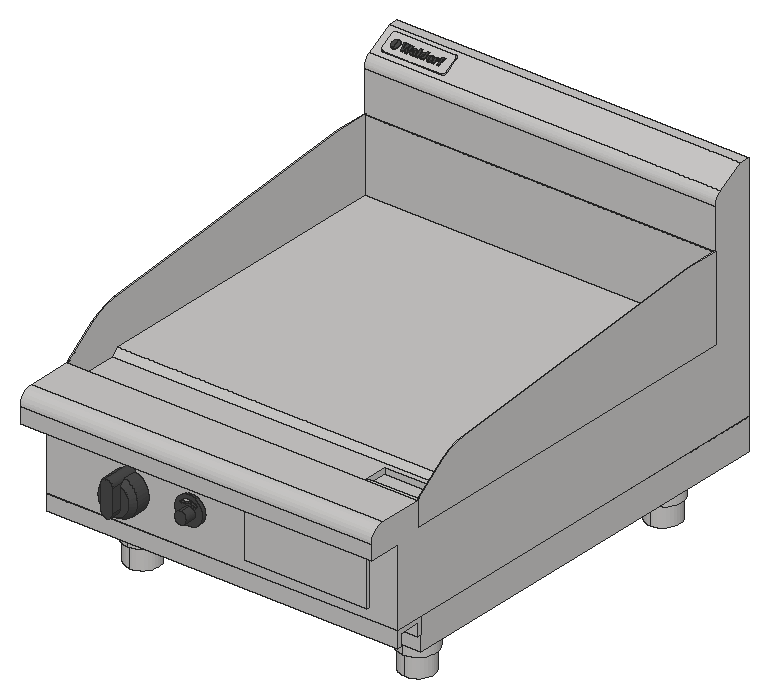
Revit family "QF_MOFFAT WALDORF_GP8600G-B", category Specialty Equipment, Revit 2012
Parameters
  Width [instance] = 600.0 mm  # constant formula
  Weight in Pounds = 238.099
  URL Cutsheet = "www.moffat.com"
  URL = "www.moffat.com"
  Type Mark [instance] = ""
  Status [instance] = ""
  Specification by User [instance] = ""
  Specification by Manufacturer = ""
  Show Logo [instance] = yes
  Serial Number = ""
  Seismic Rating = ""
  SMACNA No = ""
  Revision Code [instance] = ""
  Omniclass Number and Title = ""
  NAFEM Spec ID Number = ""
  Model = "GP8600G-B"
  Mechanical Remarks [instance] = ""
  Mechanical Connection Type [instance] = ""
  Masterspec = ""
  Manufacturer = "MOFFAT WALDORF"
  Item Number [instance] = ""
  Installed By [instance] = ""
  Identify Quantity as Lot [instance] = yes
  Height [instance] = 530.0 mm  # constant formula
  Gas Size = 3/4"
  Gas RI Height [instance] = 0.0 mm
  Gas KW [instance] = 14.7
  Gas Input [instance] = 50234.0 Btu/h
  Gas Connection Height = 0.0 mm
  Furnished By [instance] = ""
  Foodservice Equipment Identifier [instance] = yes
  Description = "GRIDDLE PLATE GAS BENCH MOUNT"
  Depth [instance] = 805.0 mm  # constant formula
  CSI MasterFormat = ""
  CSI Master Format = ""
  Base Height [instance] = 80.0 mm
Reference planes
  plane 1 "BACK": y = 0
  plane 2: z = 0
  plane 3 "LEFT": x = 0
  plane 4 "RIGHT": x = 600
  plane 5 "FRONT": y = -805
  plane 6 "TOP": z = 530
  plane 7 "Center Y": x = 300
  plane 8 "Center X": y = -402.5
  plane 9 "Base Height": z = 80
  plane 10: x = 65
  plane 11: x = 535
Forms (mm)
  Extrusion 1, solid, material "QF_Finishes_Stainless Steel"
    sketch origin (0, 0, 0) x (0, 1, 0) y (0, 0, 1)
      loop
        line (-805, 291) -> (-805, 266) -> (-749, 266) -> (-749, 135) -> (0, 135) -> (0, 530) -> (-16.5, 530) -> (-58.709, 505.631)
        arc (-58.709, 505.631) -> (-66.975, 497.365) -> (-70, 486.074) r 22.582
        line (-70, 486.074) -> (-70, 275) -> (-705, 275) -> (-705, 315) -> (-781, 315)
        arc (-781, 315) -> (-797.971, 307.971) -> (-805, 291) r 24
      loop
        line (0, 80) -> (0, 134.206) -> (-699, 134.206) -> (-699, 80) -> (0, 80)
      loop
        line (-749, 134.206) -> (-749, 107.019) -> (-742.6, 107.019) -> (-742.6, 127.806) -> (-706.4, 127.806) -> (-706.4, 107.019) -> (-700, 107.019) -> (-700, 134.206) -> (-749, 134.206)
    from 0 to 600
  Revolve 2, solid, material "QF_Finishes_Stainless Steel"
    sketch origin (535, -210, 0) x (0, 1, 0) y (0, 0, -1)
      loop
        line (78.25, -80) -> (110, -80) -> (110, 0) -> (82.5, 0) -> (82.5, -35) -> (78.25, -35) -> (78.25, -80)
      axis (110, -80) -> (110, 0)
    angle from 0 to 360
  Revolve 3, solid, material "QF_Finishes_Stainless Steel"
    sketch origin (65, -210, 0) x (0, 1, 0) y (0, 0, 1)
      loop
        line (78.25, 80) -> (78.25, 35) -> (82.5, 35) -> (82.5, 0) -> (110, 0) -> (110, 80) -> (78.25, 80)
      axis (110, 80) -> (110, 0)
    angle from 0 to 360
  Extrusion 4, solid, material "QF_Finishes_Stainless Steel"
    sketch origin (705, 3, -500) x (1, 0, 0) y (0, 1, 0)
      loop
        circle (-235, -35) r 13.5
    from 555 to 580
  Revolve 5, solid, material "QF_Finishes_Black"
    sketch origin (150, 0, -0.127) x (0, 1, 0) y (0, 0, -1)
      loop
        line (-782, -229.5) -> (-759, -229.5) -> (-759, -202) -> (-749, -202) -> (-749, -197) -> (-793, -197) -> (-793, -223.651) -> (-782, -229.5)
      axis (-793, -197) -> (-749, -197)
    angle from 0 to 360
  Extrusion 6, solid, material "QF_Finishes_Black"
    sketch origin (288.27, 0, 0.031) x (-1, 0, 0) y (0, 0, -1)
      loop
        arc (148.269, -184.969) -> (138.269, -174.969) -> (128.269, -184.969) r 10
        line (128.269, -184.969) -> (128.269, -223.969)
        arc (128.269, -223.969) -> (138.269, -233.969) -> (148.269, -223.969) r 10
        line (148.269, -223.969) -> (148.269, -184.969)
    from 759 to 808
  Revolve 7, solid, material "QF_Finishes_Stainless Steel"
    sketch origin (535, -735, 0) x (0, 1, 0) y (0, 0, -1)
      loop
        line (78.25, -80) -> (110, -80) -> (110, 0) -> (82.5, 0) -> (82.5, -35) -> (78.25, -35) -> (78.25, -80)
      axis (110, -80) -> (110, 0)
    angle from 0 to 360
  Revolve 8, solid, material "QF_Finishes_Stainless Steel"
    sketch origin (65, -735, 0) x (0, 1, 0) y (0, 0, 1)
      loop
        line (78.25, 80) -> (78.25, 35) -> (82.5, 35) -> (82.5, 0) -> (110, 0) -> (110, 80) -> (78.25, 80)
      axis (110, 80) -> (110, 0)
    angle from 0 to 360
  Extrusion 9, solid, material "QF_Finishes_Stainless Steel"
    sketch origin (0, -749, 266) x (0, 0, -1) y (1, 0, 0)
      loop
        line (26.5, 340) -> (113.5, 340) -> (113.5, 550) -> (26.5, 550) -> (26.5, 340)
    from 0 to 2.5
  Extrusion 10, solid, material "QF_Finishes_Stainless Steel"
    sketch origin (0, -751.5, 266) x (0, 0, -1) y (1, 0, 0)
      loop
        line (33.5, 550) -> (26.5, 550) -> (26.5, 340) -> (33.5, 340) -> (33.5, 550)
    from 0 to 5
  Extrusion 11, solid, material "QF_Finishes_Black"
    sketch origin (0, -749, 266) x (0, 0, -1) y (1, 0, 0)
      loop
        circle (68.75, 247.5) r 24
      loop
        arc (58.85, 262.413) -> (50.814, 247.625) -> (58.632, 232.719) r 17.868
        arc (58.632, 232.719) -> (59.112, 232.434) -> (59.627, 232.649) r 0.621
        arc (59.627, 232.649) -> (61.064, 235.208) -> (61.408, 238.122) r 7.495
        arc (61.408, 238.122) -> (61.204, 239.05) -> (60.756, 239.888) r 3.472
        arc (60.756, 239.888) -> (58.464, 247.351) -> (60.594, 254.862) r 13.786
        arc (60.594, 254.862) -> (61.234, 256.132) -> (61.499, 257.528) r 5.101
        arc (61.499, 257.528) -> (61.128, 260.047) -> (59.834, 262.239) r 6.611
        arc (59.834, 262.239) -> (59.372, 262.497) -> (58.85, 262.413) r 0.806
    from 0 to 5
  Extrusion 12, solid, material "QF_Finishes_Black"
    sketch origin (0, -754, 266) x (0, 0, -1) y (1, 0, 0)
      loop
        circle (72.25, 247.5) r 10
    from 0 to 18.251
Cuts and joins
  joined: Revolve 5, Extrusion 6
  joined: Extrusion 9, Extrusion 10
Lines and regions (mm)
  Split face 1
    outline origin (49.063, -19.748, 528.125) x (0, -0.866025, -0.5) y (1, 0, 0)
      loop
        line (1.427, 105.5) -> (35.836, 105.5) -> (35.836, 125.5) -> (1.427, 125.5) -> (1.427, 105.5)
  Split face 2
    outline origin (99.063, -19.748, 528.125) x (0, -0.866025, -0.5) y (1, 0, 0)
      loop
        line (1.427, 105.5) -> (35.836, 105.5) -> (35.836, 125.5) -> (1.427, 125.5) -> (1.427, 105.5)
  Split face 3
    outline origin (149.063, -19.748, 528.125) x (0, -0.866025, -0.5) y (1, 0, 0)
      loop
        line (1.427, 105.5) -> (35.836, 105.5) -> (35.836, 125.5) -> (1.427, 125.5) -> (1.427, 105.5)
  Split face 4
    outline origin (199.063, -19.748, 528.125) x (0, -0.866025, -0.5) y (1, 0, 0)
      loop
        line (1.427, 105.5) -> (35.836, 105.5) -> (35.836, 125.5) -> (1.427, 125.5) -> (1.427, 105.5)
  Split face 5
    outline origin (249.063, -19.748, 528.125) x (0, -0.866025, -0.5) y (1, 0, 0)
      loop
        line (1.427, 105.5) -> (35.836, 105.5) -> (35.836, 125.5) -> (1.427, 125.5) -> (1.427, 105.5)
  Split face 6
    outline origin (299.063, -19.748, 528.125) x (0, -0.866025, -0.5) y (1, 0, 0)
      loop
        line (1.427, 105.5) -> (35.836, 105.5) -> (35.836, 125.5) -> (1.427, 125.5) -> (1.427, 105.5)
  Split face 7
    outline origin (349.062, -19.748, 528.125) x (0, -0.866025, -0.5) y (1, 0, 0)
      loop
        line (1.427, 105.5) -> (35.836, 105.5) -> (35.836, 125.5) -> (1.427, 125.5) -> (1.427, 105.5)
  Split face 8
    outline origin (399.062, -19.748, 528.125) x (0, -0.866025, -0.5) y (1, 0, 0)
      loop
        line (1.427, 105.5) -> (35.836, 105.5) -> (35.836, 125.5) -> (1.427, 125.5) -> (1.427, 105.5)
  Split face 9
    outline origin (449.062, -19.748, 528.125) x (0, -0.866025, -0.5) y (1, 0, 0)
      loop
        line (1.427, 105.5) -> (35.836, 105.5) -> (35.836, 125.5) -> (1.427, 125.5) -> (1.427, 105.5)
  symbolic lines, visible <- "Show Logo"
    curve 1: line (12.5, -52.06, 0) -> (12.5, -21.099, 0)
    curve 2: line (121.5, -21.099, 0) -> (121.5, -52.06, 0)
    curve 3: line (12.5, -21.099, 0) -> (121.5, -21.099, 0)
    curve 4: line (12.5, -52.06, 0) -> (121.5, -52.06, 0)
  symbolic lines
    curve 5: line (154.563, -50.782, 0) -> (154.563, -20.984, 0)
    curve 6: line (154.563, -20.984, 0) -> (174.562, -20.984, 0)
    curve 7: line (174.562, -20.984, 0) -> (174.562, -50.782, 0)
    curve 8: line (174.562, -50.782, 0) -> (154.563, -50.782, 0)
    curve 9: line (204.563, -20.984, 0) -> (204.563, -50.782, 0)
    curve 10: line (204.563, -50.782, 0) -> (224.562, -50.782, 0)
    curve 11: line (224.562, -50.782, 0) -> (224.562, -20.984, 0)
    curve 12: line (224.562, -20.984, 0) -> (204.563, -20.984, 0)
    curve 13: line (254.563, -20.984, 0) -> (254.563, -50.782, 0)
    curve 14: line (254.563, -50.782, 0) -> (274.562, -50.782, 0)
    curve 15: line (274.562, -50.782, 0) -> (274.562, -20.984, 0)
    curve 16: line (274.562, -20.984, 0) -> (254.563, -20.984, 0)
    curve 17: line (304.563, -20.984, 0) -> (304.563, -50.782, 0)
    curve 18: line (304.563, -50.782, 0) -> (324.563, -50.782, 0)
    curve 19: line (324.563, -50.782, 0) -> (324.563, -20.984, 0)
    curve 20: line (324.563, -20.984, 0) -> (304.563, -20.984, 0)
    curve 21: line (354.563, -20.984, 0) -> (354.563, -50.782, 0)
    curve 22: line (354.563, -50.782, 0) -> (374.563, -50.782, 0)
    curve 23: line (374.563, -50.782, 0) -> (374.563, -20.984, 0)
    curve 24: line (374.563, -20.984, 0) -> (354.563, -20.984, 0)
    curve 25: line (404.563, -50.782, 0) -> (404.563, -20.984, 0)
    curve 26: line (404.563, -20.984, 0) -> (424.563, -20.984, 0)
    curve 27: line (424.563, -20.984, 0) -> (424.563, -50.782, 0)
    curve 28: line (424.563, -50.782, 0) -> (404.563, -50.782, 0)
    curve 29: line (304.563, -50.782, 0) -> (304.563, -20.984, 0)
    curve 30: line (304.563, -20.984, 0) -> (324.563, -20.984, 0)
    curve 31: line (324.563, -20.984, 0) -> (324.563, -50.782, 0)
    curve 32: line (324.563, -50.782, 0) -> (304.563, -50.782, 0)
    curve 33: line (354.563, -20.984, 0) -> (354.563, -50.782, 0)
    curve 34: line (354.563, -50.782, 0) -> (374.563, -50.782, 0)
    curve 35: line (374.563, -50.782, 0) -> (374.563, -20.984, 0)
    curve 36: line (374.563, -20.984, 0) -> (354.563, -20.984, 0)
    curve 37: line (404.563, -50.782, 0) -> (404.563, -20.984, 0)
    curve 38: line (404.563, -20.984, 0) -> (424.563, -20.984, 0)
    curve 39: line (424.563, -20.984, 0) -> (424.563, -50.782, 0)
    curve 40: line (424.563, -50.782, 0) -> (404.563, -50.782, 0)
    curve 41: line (454.563, -50.782, 0) -> (454.563, -20.984, 0)
    curve 42: line (454.563, -20.984, 0) -> (474.563, -20.984, 0)
    curve 43: line (474.563, -20.984, 0) -> (474.563, -50.782, 0)
    curve 44: line (474.563, -50.782, 0) -> (454.563, -50.782, 0)
    curve 45: line (504.563, -50.782, 0) -> (504.563, -20.984, 0)
    curve 46: line (504.563, -20.984, 0) -> (524.563, -20.984, 0)
    curve 47: line (524.563, -20.984, 0) -> (524.563, -50.782, 0)
    curve 48: line (524.563, -50.782, 0) -> (504.563, -50.782, 0)
    curve 49: line (574.563, -50.782, 0) -> (554.563, -50.782, 0)
    curve 50: line (554.563, -50.782, 0) -> (554.563, -20.984, 0)
    curve 51: line (554.563, -20.984, 0) -> (574.563, -20.984, 0)
    curve 52: line (0, -805, 0) -> (600, -805, 0)
    curve 53: line (0, 0, 0) -> (0, -805, 0)
    curve 54: line (600, 0, 0) -> (0, 0, 0)
    curve 55: line (0, -70, 0) -> (600, -70, 0)
    curve 56: line (600, -705, 0) -> (0, -705, 0)
    curve 57: line (574.563, -20.984, 0) -> (574.563, -50.782, 0)
    curve 58: line (600, -805, 0) -> (600, 0, 0)
Dimensions and locks
  equal spacing: plane 3 "LEFT", plane 7 "Center Y", plane 4 "RIGHT"
  "Width": plane 3 "LEFT" to plane 4 "RIGHT"
  equal spacing: plane 5 "FRONT", plane 8 "Center X", plane 1 "BACK"
  "Depth": plane 5 "FRONT" to plane 1 "BACK"
  "Base Height": plane 9 "Base Height" to level
  locked: plane 6 "TOP" to plane 9 "Base Height" at 450
  level to Extrusion 4 = 55.0 mm
  locked: Extrusion 4 to plane 9 "Base Height" at 25
  plane 6 "TOP" to nested 1 to nested 1 = 2.946 mm locked, 17.226 mm locked
  plane 6 "TOP" to level = 530.0 mm
  aligned and locked: level to plane 2
  aligned and locked: plane 9 "Base Height" to Extrusion 4
  aligned and locked: Revolve 3 sketch curve to plane 9 "Base Height"
Automatic sketch dimensions
  curve 56 to plane 3 "LEFT" = 0.0 mm
  plane 1 "BACK" to curve 54 = 0.0 mm
  curve 54 to plane 4 "RIGHT" = 0.0 mm
  plane 5 "FRONT" to curve 52 = 0.0 mm
  plane 3 "LEFT" to curve 1 = 12.5 mm
  plane 1 "BACK" to curve 2 = 21.099 mm
  plane 10 to curve 2 = 56.5 mm
  curve 2 to curve 6 = 33.062 mm
  curve 5 to curve 6 = 20.0 mm
  curve 6 to curve 12 = 30.0 mm
  curve 9 to curve 11 = 20.0 mm
  curve 11 to curve 16 = 30.0 mm
  curve 13 to curve 16 = 20.0 mm
  plane 7 "Center Y" to curve 17 = 4.563 mm
  curve 17 to curve 31 = 20.0 mm
  curve 18 to curve 34 = 30.0 mm
  curve 21 to curve 23 = 20.0 mm
  curve 22 to curve 37 = 30.0 mm
  curve 25 to curve 27 = 20.0 mm
  curve 26 to curve 41 = 30.0 mm
  curve 41 to curve 43 = 20.0 mm
  curve 43 to curve 48 = 30.0 mm
  plane 11 to curve 47 = 10.437 mm
  curve 50 to plane 11 = 19.563 mm
  curve 49 to curve 49 = 20.0 mm
  curve 56 to plane 5 "FRONT" = 100.0 mm
  curve 55 to curve 1 = 48.901 mm
  curve 55 to curve 1 = 17.94 mm
  plane 1 "BACK" to curve 8 = 50.782 mm
  curve 7 to curve 9 = 0.0 mm
  curve 55 to curve 50 = 19.218 mm
  curve 48 to curve 49 = 0.0 mm
  curve 10 to curve 13 = 0.0 mm
  curve 44 to curve 45 = 0.0 mm
  curve 14 to curve 17 = 0.0 mm
  curve 40 to curve 41 = 0.0 mm
  curve 18 to curve 21 = 0.0 mm
  plane 1 "BACK" to curve 27 = 20.984 mm
  plane 1 "BACK" to curve 35 = 20.984 mm
  plane 1 "BACK" to curve 20 = 20.984 mm
  plane 1 "BACK" to curve 41 = 20.984 mm
  plane 1 "BACK" to curve 16 = 20.984 mm
  plane 1 "BACK" to curve 45 = 20.984 mm
  plane 1 "BACK" to curve 12 = 20.984 mm
  plane 1 "BACK" to curve 50 = 20.984 mm
  plane 1 "BACK" to curve 7 = 20.984 mm
  Extrusion 1 sketch curve to plane 5 "FRONT" = 0.0 mm
  Extrusion 1 sketch curve to plane 9 "Base Height" = 0.0 mm
  Extrusion 1 sketch curve to plane 6 "TOP" = 0.0 mm
  Extrusion 1 sketch curve to plane 1 "BACK" = 0.0 mm  (x2)
  Extrusion 1 sketch curve to plane 5 "FRONT" = 24.0 mm
  Extrusion 1 sketch curve to plane 5 "FRONT" = 56.0 mm
  Extrusion 1 sketch curve to Extrusion 1 sketch curve = 0.0 mm  (x2)
  Extrusion 1 sketch curve to Extrusion 1 sketch curve = 6.4 mm  (x3)
  Extrusion 1 sketch curve to Extrusion 1 sketch curve = 36.2 mm
  Extrusion 1 sketch curve to Extrusion 1 sketch curve = 44.0 mm
  Extrusion 1 sketch curve to Extrusion 1 sketch curve = 1.0 mm
  plane 1 "BACK" to Extrusion 1 sketch curve = 70.0 mm
  Extrusion 1 sketch curve to plane 6 "TOP" = 24.369 mm
  Extrusion 1 sketch curve to Extrusion 1 sketch curve = 11.291 mm  (x2)
  Extrusion 1 sketch curve to Extrusion 1 sketch curve = 16.5 mm
  plane 9 "Base Height" to Extrusion 1 sketch curve = 27.019 mm  (x2)
  Extrusion 1 sketch curve to Extrusion 1 sketch curve = 20.787 mm
  Extrusion 1 sketch curve to Extrusion 1 sketch curve = 0.794 mm
  Extrusion 1 sketch curve to Extrusion 1 sketch curve = 131.0 mm
  Extrusion 1 sketch curve to Extrusion 1 sketch curve = 140.0 mm
  Extrusion 1 sketch curve to Extrusion 1 sketch curve = 25.0 mm
  Revolve 2 sketch curve to plane 9 "Base Height" = 0.0 mm
  Revolve 2 sketch curve to level = 0.0 mm
  level to Revolve 2 sketch curve = 35.0 mm
  plane 1 "BACK" to Revolve 2 sketch curve = 131.75 mm
  Revolve 2 sketch curve to Revolve 2 sketch curve = 4.25 mm
  Revolve 2 sketch curve to Revolve 2 sketch curve = 27.5 mm
  Revolve 2 sketch curve to Revolve 2 sketch curve = 0.0 mm
  Revolve 2 sketch curve to Revolve 2 sketch curve = 30.0 mm
  Revolve 2 sketch curve to Revolve 2 sketch curve = 55.0 mm
  Revolve 3 sketch curve to level = 0.0 mm
  level to Revolve 3 sketch curve = 35.0 mm
  plane 1 "BACK" to Revolve 3 sketch curve = 131.75 mm
  Revolve 3 sketch curve to Revolve 3 sketch curve = 4.25 mm
  Revolve 3 sketch curve to Revolve 3 sketch curve = 27.5 mm
  Revolve 3 sketch curve to Revolve 3 sketch curve = 0.0 mm
  Revolve 3 sketch curve to Revolve 3 sketch curve = 55.0 mm
  Revolve 3 sketch curve to Revolve 3 sketch curve = 30.0 mm
  plane 1 "BACK" to Extrusion 4 sketch curve = 32.0 mm
  plane 11 to Extrusion 4 sketch curve = 65.0 mm
  Revolve 5 sketch curve to plane 5 "FRONT" = 12.0 mm
  Revolve 5 sketch curve to Revolve 5 sketch curve = 0.0 mm  (x2)
  Revolve 5 sketch curve to Revolve 5 sketch curve = 11.0 mm
  Revolve 5 sketch curve to Revolve 5 sketch curve = 12.7 mm
  Revolve 5 sketch curve to Revolve 5 sketch curve = 23.0 mm
  Revolve 5 sketch curve to Revolve 5 sketch curve = 10.0 mm
  plane 9 "Base Height" to Revolve 5 sketch curve = 149.373 mm
  Revolve 5 sketch curve to Revolve 5 sketch curve = 5.849 mm
  Revolve 5 sketch curve to Revolve 5 sketch curve = 27.5 mm
  Revolve 5 sketch curve to Revolve 5 sketch curve = 5.0 mm
  plane 10 to Extrusion 6 sketch curve = 95.001 mm
  Extrusion 6 sketch curve to Extrusion 6 sketch curve = 10.0 mm
  plane 9 "Base Height" to Extrusion 6 sketch curve = 144.0 mm
  Extrusion 6 sketch curve to Extrusion 6 sketch curve = 39.0 mm
  Extrusion 1 to Split face 1 sketch curve = 5.177 mm
  Split face 1 sketch curve to Extrusion 1 = 9.153 mm
  Split face 1 sketch curve to Extrusion 1 = 154.563 mm
  Split face 1 sketch curve to Split face 1 sketch curve = 20.0 mm
  Revolve 7 sketch curve to plane 9 "Base Height" = 0.0 mm
  Revolve 7 sketch curve to level = 0.0 mm
  level to Revolve 7 sketch curve = 35.0 mm
  Revolve 7 sketch curve to plane 5 "FRONT" = 148.25 mm
  Revolve 7 sketch curve to Revolve 7 sketch curve = 4.25 mm
  Revolve 7 sketch curve to Revolve 7 sketch curve = 27.5 mm
  Revolve 7 sketch curve to Revolve 7 sketch curve = 0.0 mm
  Revolve 7 sketch curve to Revolve 7 sketch curve = 30.0 mm
  Revolve 7 sketch curve to Revolve 7 sketch curve = 55.0 mm
  Revolve 8 sketch curve to plane 9 "Base Height" = 0.0 mm
  Revolve 8 sketch curve to level = 0.0 mm
  level to Revolve 8 sketch curve = 35.0 mm
  Revolve 8 sketch curve to plane 5 "FRONT" = 148.25 mm
  Revolve 8 sketch curve to Revolve 8 sketch curve = 4.25 mm
  Revolve 8 sketch curve to Revolve 8 sketch curve = 27.5 mm
  Revolve 8 sketch curve to Revolve 8 sketch curve = 0.0 mm
  Revolve 8 sketch curve to Revolve 8 sketch curve = 55.0 mm
  Revolve 8 sketch curve to Revolve 8 sketch curve = 30.0 mm
  Extrusion 1 to Split face 2 sketch curve = 5.177 mm
  Split face 2 sketch curve to Extrusion 1 = 9.153 mm
  Split face 2 sketch curve to Extrusion 1 = 204.563 mm
  Split face 2 sketch curve to Split face 2 sketch curve = 20.0 mm
  Extrusion 1 to Split face 3 sketch curve = 5.177 mm
  Split face 3 sketch curve to Extrusion 1 = 9.153 mm
  Split face 3 sketch curve to Extrusion 1 = 254.563 mm
  Split face 3 sketch curve to Split face 3 sketch curve = 20.0 mm
  Extrusion 1 to Split face 4 sketch curve = 5.177 mm
  Split face 4 sketch curve to Extrusion 1 = 9.153 mm
  Split face 4 sketch curve to Extrusion 1 = 295.437 mm
  Split face 4 sketch curve to Split face 4 sketch curve = 20.0 mm
  Extrusion 1 to Split face 5 sketch curve = 5.177 mm
  Split face 5 sketch curve to Extrusion 1 = 9.153 mm
  Split face 5 sketch curve to Extrusion 1 = 245.437 mm
  Split face 5 sketch curve to Split face 5 sketch curve = 20.0 mm
  Extrusion 1 to Split face 6 sketch curve = 5.177 mm
  Split face 6 sketch curve to Extrusion 1 = 9.153 mm
  Split face 6 sketch curve to Extrusion 1 = 195.437 mm
  Split face 6 sketch curve to Split face 6 sketch curve = 20.0 mm
  Extrusion 1 to Extrusion 9 sketch curve = 26.5 mm
  Extrusion 9 sketch curve to Extrusion 1 = 17.5 mm
  Extrusion 1 to Extrusion 9 sketch curve = 260.0 mm
  Extrusion 1 to Extrusion 9 sketch curve = 50.0 mm
  Extrusion 10 sketch curve to Extrusion 9 = 0.0 mm  (x2)
  Extrusion 9 to Extrusion 10 sketch curve = 0.0 mm
  Extrusion 10 sketch curve to Extrusion 9 = 7.0 mm
  Extrusion 1 to Extrusion 11 sketch curve = 53.937 mm
  Extrusion 11 sketch curve to Extrusion 11 sketch curve = 0.958 mm
  Extrusion 11 sketch curve to Extrusion 11 sketch curve = 1.509 mm
  Extrusion 11 sketch curve to Extrusion 11 sketch curve = 4.01 mm
  Extrusion 11 sketch curve to Extrusion 11 sketch curve = 0.685 mm
  Extrusion 11 sketch curve to Extrusion 11 sketch curve = 2.447 mm
  Extrusion 11 sketch curve to Extrusion 11 sketch curve = 0.524 mm
  Extrusion 11 sketch curve to Extrusion 11 sketch curve = 0.381 mm
  Extrusion 11 sketch curve to Extrusion 11 sketch curve = 0.472 mm
  Extrusion 11 sketch curve to Extrusion 11 sketch curve = 0.0 mm  (x5)
  Extrusion 11 sketch curve to Extrusion 11 sketch curve = 0.602 mm
  Extrusion 11 sketch curve to Extrusion 11 sketch curve = 4.19 mm
  Extrusion 11 sketch curve to Extrusion 11 sketch curve = 2.809 mm
  Extrusion 11 sketch curve to Extrusion 11 sketch curve = 0.652 mm
  Extrusion 11 sketch curve to Extrusion 11 sketch curve = 0.905 mm
  Extrusion 11 sketch curve to Extrusion 11 sketch curve = 8.087 mm
  Extrusion 11 sketch curve to Extrusion 11 sketch curve = 0.069 mm
  Extrusion 11 sketch curve to Extrusion 11 sketch curve = 3.5 mm
  Extrusion 1 to Extrusion 11 sketch curve = 232.649 mm
  Extrusion 11 sketch curve to Extrusion 11 sketch curve = 0.07 mm
  Extrusion 11 sketch curve to Extrusion 11 sketch curve = 7.606 mm
  Extrusion 11 sketch curve to Extrusion 11 sketch curve = 0.007 mm
  Extrusion 1 to Split face 7 sketch curve = 5.177 mm
  Split face 7 sketch curve to Extrusion 1 = 9.153 mm
  Split face 7 sketch curve to Extrusion 1 = 145.437 mm
  Split face 7 sketch curve to Split face 7 sketch curve = 20.0 mm
  Extrusion 1 to Split face 8 sketch curve = 5.177 mm
  Split face 8 sketch curve to Extrusion 1 = 9.153 mm
  Split face 8 sketch curve to Extrusion 1 = 95.437 mm
  Split face 8 sketch curve to Split face 8 sketch curve = 20.0 mm
  Extrusion 1 to Split face 9 sketch curve = 5.177 mm
  Split face 9 sketch curve to Extrusion 1 = 9.153 mm
  Split face 9 sketch curve to Extrusion 1 = 45.437 mm
  Split face 9 sketch curve to Split face 9 sketch curve = 20.0 mm
  radius of Extrusion 4 sketch curve = 13.5 mm
  radius of Extrusion 11 sketch curve = 24.0 mm
  radius of Extrusion 12 sketch curve to Extrusion 11 = 3.786 mm
Nested families
  nested 1: "WALDORF LOGO" at (12.5, -36.099, 502.127), visible <- "Show Logo", type "WALDORF LOGO", detail levels medium+fine
    with Type Mark "", Status "", Specification by User "", Show Logo yes, Revision Code "", Item Number "", Installed By "", Identify Quantity as Lot yes, Furnished By "", Foodservice Equipment Identifier yes
  nested 2: "GAS GRIDDLE PLATE" at (0, -70, 284.5), type "GAS GRIDDLE PLATE"
    with Type Mark "", Status "", Specification by User "", Show Clearance yes, Revision Code "", Number of Poles 1, Mechanical Remarks "", Mechanical Connection Type "", Item Number "", Installed By "", Identify Quantity as Lot yes, Gas RI Height 0.0 mm, Gas KW 0, Gas Input 0.0 Btu/h, Furnished By "", Foodservice Equipment Identifier yes, Electrical Remarks "", Electric Connection Type "", Elec Conn RI Height 0.0 mm, Elec Conn Connection Height 0.0 mm
Connectors
  piping at (470, -32, 55)
    settings: on Extrusion 4, index 2, connector radius 0.37402", flow factor 0, pipe flow 0 GPM, pressure drop 0.00 psi, fitting loss kfactor 0, connector angle 0.00°, fixture units 0, engagement length 0.0 mm, flow configuration 1, flow direction 1, fitting loss method 0, system type 7, joint type 0, gender type 0, connector reference index -1, connector utility 0, adjustable connector no, is connector primary yes, fitting loss table "", connector description "GAS CONNECTION"
Definition of nested family "WALDORF LOGO"
  Parameters (values of type "BT8300-CB-LOGO")
    Weight in Pounds = 0
    URL Cutsheet = ""
    Type Mark [instance] = ""
    Status [instance] = ""
    Specification by User [instance] = ""
    Specification by Manufacturer = ""
    Show Logo [instance] = yes
    Serial Number = ""
    Seismic Rating = ""
    SMACNA No = ""
    Revision Code [instance] = ""
    Omniclass Number and Title = ""
    NAFEM Spec ID Number = ""
    Masterspec = ""
    Item Number [instance] = ""
    Installed By [instance] = ""
    Identify Quantity as Lot [instance] = yes
    Furnished By [instance] = ""
    Foodservice Equipment Identifier [instance] = yes
    CSI MasterFormat = ""
    CSI Master Format = ""
  Reference planes
    plane 1 "BACK": y = 0
    plane 2: z = 0
    plane 3 "LEFT": x = 0
    plane 4 "RIGHT": x = 109
    plane 5 "FRONT": y = -1.588
    plane 6 "TOP": z = 34.14
    plane 7 "Center Y": x = 54.5
    plane 8 "Center X": y = -0.794
  Forms (mm)
    Extrusion 1, solid, material "QF_Finishes_Stainless Steel", visible <- "Show Logo"
      sketch origin (0, -15.16, 7.701) x (1, 0, 0) y (0, 0.863373, 0.504566)
        loop
          arc (5, 34.14) -> (1.464, 32.676) -> (0, 29.14) r 5
          line (0, 29.14) -> (0, 5)
          arc (0, 5) -> (1.464, 1.464) -> (5, 0) r 5
          line (5, 0) -> (104, 0)
          arc (104, 0) -> (107.536, 1.464) -> (109, 5) r 5
          line (109, 5) -> (109, 29.14)
          arc (109, 29.14) -> (107.536, 32.676) -> (104, 34.14) r 5
          line (104, 34.14) -> (5, 34.14)
      from 0 to 1.588
    Extrusion 2, solid, material "QF_Finishes_Black", visible <- "Show Logo"
      sketch origin (0, -15.961, 9.072) x (1, 0, 0) y (0, 0.863373, 0.504566)
        loop
          line (24.772, 23.214) -> (27.992, 10.301) -> (31.551, 10.301) -> (33.443, 17.364) -> (35.205, 10.301) -> (39.332, 10.301) -> (42.077, 23.214) -> (38.352, 23.214) -> (36.676, 15.33) -> (35, 23.214) -> (31.752, 23.214) -> (30.076, 15.33) -> (28.4, 23.214) -> (24.772, 23.214)
        loop
          line (42.272, 17.055) -> (45.703, 17.055)
          spline (45.703, 17.055) -> (45.741, 17.285) -> (45.852, 17.499) -> (46.028, 17.682) -> (46.258, 17.823) -> (46.526, 17.912) -> (46.813, 17.942) -> (47.1, 17.912) -> (47.368, 17.823) -> (47.597, 17.682) -> (47.774, 17.499) -> (47.884, 17.285) -> (47.922, 17.055)
          line (47.922, 17.055) -> (47.922, 16.222)
          arc (47.922, 16.222) -> (45.742, 16.014) -> (43.665, 15.317) r 9.604
          arc (43.665, 15.317) -> (41.924, 12.809) -> (43.665, 10.301) r 2.677
          arc (43.665, 10.301) -> (45.527, 10.353) -> (47.332, 10.816) r 8.365
          line (47.332, 10.816) -> (48.092, 11.105) -> (48.092, 10.301) -> (51.817, 10.301) -> (51.817, 17.055)
          spline (51.817, 17.055) -> (51.654, 17.821) -> (51.178, 18.535) -> (50.419, 19.148) -> (49.431, 19.619) -> (48.28, 19.914) -> (47.044, 20.015) -> (45.809, 19.914) -> (44.658, 19.619) -> (43.67, 19.148) -> (42.911, 18.535) -> (42.434, 17.821) -> (42.272, 17.055)
        loop
          line (53.151, 23.214) -> (53.151, 10.301) -> (57.37, 10.301) -> (57.37, 23.214) -> (53.151, 23.214)
        loop
          line (64.874, 23.214) -> (64.874, 18.857)
          arc (64.874, 18.857) -> (58.083, 15.11) -> (64.874, 11.363) r 4.429
          line (64.874, 11.363) -> (64.874, 10.301) -> (68.378, 10.301) -> (68.378, 23.214) -> (64.874, 23.214)
        loop
          arc (64.874, 16.083) -> (61.41, 14.987) -> (64.874, 13.891) r 1.905
          line (64.874, 13.891) -> (64.874, 16.083)
        loop
          circle (74.623, 15.223) r 5
        loop
          spline (74.623, 17.856) -> (74.355, 17.766) -> (74.105, 17.503) -> (73.891, 17.084) -> (73.726, 16.539) -> (73.623, 15.904) -> (73.588, 15.223) -> (73.623, 14.541) -> (73.726, 13.906) -> (73.891, 13.361) -> (74.105, 12.942) -> (74.355, 12.679) -> (74.623, 12.59)
          spline (74.623, 12.59) -> (74.891, 12.679) -> (75.141, 12.942) -> (75.355, 13.361) -> (75.52, 13.906) -> (75.623, 14.541) -> (75.659, 15.223) -> (75.623, 15.904) -> (75.52, 16.539) -> (75.355, 17.084) -> (75.141, 17.503) -> (74.891, 17.766) -> (74.623, 17.856)
        loop
          line (81.255, 19.813) -> (81.255, 10.301) -> (84.834, 10.301) -> (84.834, 14.176)
          arc (84.834, 14.176) -> (85.854, 16.093) -> (88.013, 16.32) r 2.313
          line (88.013, 16.32) -> (88.013, 19.813) -> (87.161, 19.813)
          arc (87.161, 19.813) -> (85.526, 19.266) -> (84.549, 17.844) r 2.717
          line (84.549, 17.844) -> (84.549, 19.813) -> (81.255, 19.813)
        loop
          line (90.249, 19.813) -> (88.91, 19.813) -> (88.91, 17.614) -> (90.249, 17.614) -> (90.249, 10.301) -> (93.998, 10.301) -> (93.998, 17.614) -> (95.418, 17.614) -> (95.418, 19.813) -> (93.998, 19.813)
          arc (93.998, 19.813) -> (94.414, 20.817) -> (95.418, 21.233) r 1.42
          line (95.418, 21.233) -> (95.418, 23.602) -> (93.317, 23.602)
          arc (93.317, 23.602) -> (91.343, 22.903) -> (90.249, 21.118) r 3.137
          line (90.249, 21.118) -> (90.249, 19.813)
        loop
          arc (15.241, 23.571) -> (8.392, 16.525) -> (15.241, 9.479) r 7.049
          line (15.241, 9.479) -> (15.241, 23.571)
        loop
          line (15.641, 23.571) -> (15.641, 9.479)
          arc (15.641, 9.479) -> (22.49, 16.525) -> (15.641, 23.571) r 7.049
        loop
          arc (47.922, 14.711) -> (46.266, 13.749) -> (47.922, 12.787) r 1.107
          line (47.922, 12.787) -> (47.922, 14.711)
      from 0 to 0.2
  Dimensions and locks
    equal spacing: plane 3 "LEFT", plane 7 "Center Y", plane 4 "RIGHT"
    plane 3 "LEFT" to plane 4 "RIGHT" = 109.0 mm
    equal spacing: plane 5 "FRONT", plane 8 "Center X", plane 1 "BACK"
    plane 5 "FRONT" to plane 1 "BACK" = 1.588 mm
    aligned and locked: level to plane 2
  Automatic sketch dimensions
    Extrusion 1 sketch curve to plane 3 "LEFT" = 0.0 mm
    Extrusion 1 sketch curve to plane 4 "RIGHT" = 0.0 mm
    plane 3 "LEFT" to Extrusion 1 sketch curve = 5.0 mm  (x2)
    plane 4 "RIGHT" to Extrusion 1 sketch curve = 5.0 mm  (x2)
    Extrusion 1 sketch curve to Extrusion 1 sketch curve = 24.14 mm
    Extrusion 2 sketch curve to Extrusion 2 sketch curve = 0.0 mm  (x14)
    Extrusion 2 sketch curve to Extrusion 1 = 15.241 mm
    Extrusion 2 sketch curve to Extrusion 2 sketch curve = 0.2 mm
    Extrusion 2 sketch curve to Extrusion 2 sketch curve = 0.4 mm
    Extrusion 2 sketch curve to Extrusion 2 sketch curve = 9.131 mm
    Extrusion 2 sketch curve to Extrusion 1 = 10.301 mm  (x2)
    Extrusion 2 sketch curve to Extrusion 2 sketch curve = 12.351 mm
    Extrusion 2 sketch curve to Extrusion 2 sketch curve = 3.628 mm
    Extrusion 2 sketch curve to Extrusion 2 sketch curve = 2.084 mm
    Extrusion 2 sketch curve to Extrusion 2 sketch curve = 3.559 mm
    Extrusion 2 sketch curve to Extrusion 1 = 10.926 mm  (x2)
    Extrusion 2 sketch curve to Extrusion 2 sketch curve = 3.352 mm  (x2)
    Extrusion 2 sketch curve to Extrusion 2 sketch curve = 3.367 mm
    Extrusion 2 sketch curve to Extrusion 2 sketch curve = 3.249 mm
    Extrusion 2 sketch curve to Extrusion 2 sketch curve = 3.654 mm
    Extrusion 2 sketch curve to Extrusion 1 = 15.33 mm
    Extrusion 2 sketch curve to Extrusion 2 sketch curve = 3.233 mm
    Extrusion 2 sketch curve to Extrusion 2 sketch curve = 4.128 mm
    Extrusion 2 sketch curve to Extrusion 2 sketch curve = 3.725 mm
    Extrusion 2 sketch curve to Extrusion 2 sketch curve = 5.596 mm
    Extrusion 2 sketch curve to Extrusion 2 sketch curve = 4.333 mm
    Extrusion 2 sketch curve to Extrusion 2 sketch curve = 1.394 mm
    Extrusion 2 sketch curve to Extrusion 2 sketch curve = 2.092 mm
    Extrusion 2 sketch curve to Extrusion 2 sketch curve = 0.936 mm
    Extrusion 2 sketch curve to Extrusion 2 sketch curve = 1.34 mm
    Extrusion 2 sketch curve to Extrusion 2 sketch curve = 1.109 mm
    Extrusion 2 sketch curve to Extrusion 2 sketch curve = 0.232 mm
    Extrusion 2 sketch curve to Extrusion 2 sketch curve = 2.731 mm
    Extrusion 2 sketch curve to Extrusion 2 sketch curve = 0.549 mm  (x2)
    Extrusion 2 sketch curve to Extrusion 2 sketch curve = 0.407 mm
    Extrusion 2 sketch curve to Extrusion 2 sketch curve = 0.76 mm
    Extrusion 2 sketch curve to Extrusion 2 sketch curve = 1.334 mm
    Extrusion 2 sketch curve to Extrusion 2 sketch curve = 4.219 mm
    Extrusion 2 sketch curve to Extrusion 2 sketch curve = 5.142 mm
    Extrusion 2 sketch curve to Extrusion 2 sketch curve = 0.803 mm
    Extrusion 2 sketch curve to Extrusion 2 sketch curve = 1.558 mm
    Extrusion 2 sketch curve to Extrusion 2 sketch curve = 3.504 mm
    Extrusion 2 sketch curve to Extrusion 2 sketch curve = 6.245 mm
    Extrusion 2 sketch curve to Extrusion 2 sketch curve = 6.632 mm
    Extrusion 2 sketch curve to Extrusion 2 sketch curve = 3.294 mm
    Extrusion 2 sketch curve to Extrusion 2 sketch curve = 3.579 mm
    Extrusion 2 sketch curve to Extrusion 2 sketch curve = 2.313 mm
    Extrusion 2 sketch curve to Extrusion 2 sketch curve = 2.612 mm
    Extrusion 2 sketch curve to Extrusion 2 sketch curve = 0.852 mm
    Extrusion 2 sketch curve to Extrusion 2 sketch curve = 0.897 mm
    Extrusion 2 sketch curve to Extrusion 2 sketch curve = 3.102 mm
    Extrusion 2 sketch curve to Extrusion 2 sketch curve = 1.338 mm
    Extrusion 2 sketch curve to Extrusion 2 sketch curve = 3.068 mm
    Extrusion 2 sketch curve to Extrusion 2 sketch curve = 0.681 mm
    Extrusion 2 sketch curve to Extrusion 2 sketch curve = 3.749 mm
    Extrusion 2 sketch curve to Extrusion 2 sketch curve = 1.42 mm
    Extrusion 2 sketch curve to Extrusion 2 sketch curve = 5.029 mm  (x2)
    Extrusion 2 sketch curve to Extrusion 1 = 9.479 mm
    Extrusion 2 sketch curve to Extrusion 2 sketch curve = 3.681 mm
    Extrusion 2 sketch curve to Extrusion 2 sketch curve = 0.515 mm
    Extrusion 2 sketch curve to Extrusion 2 sketch curve = 0.804 mm
    Extrusion 2 sketch curve to Extrusion 2 sketch curve = 1.062 mm
    Extrusion 2 sketch curve to Extrusion 2 sketch curve = 1.682 mm
    Extrusion 2 sketch curve to Extrusion 2 sketch curve = 2.508 mm
    Extrusion 2 sketch curve to Extrusion 2 sketch curve = 0.962 mm
    Extrusion 2 sketch curve to Extrusion 2 sketch curve = 2.528 mm
    Extrusion 2 sketch curve to Extrusion 2 sketch curve = 3.875 mm
    Extrusion 2 sketch curve to Extrusion 2 sketch curve = 1.096 mm
    Extrusion 2 sketch curve to Extrusion 2 sketch curve = 0.123 mm
    Extrusion 2 sketch curve to Extrusion 2 sketch curve = 4.922 mm
    Extrusion 2 sketch curve to Extrusion 2 sketch curve = 7.046 mm
    Extrusion 2 sketch curve to Extrusion 2 sketch curve = 0.833 mm
    Extrusion 2 sketch curve to Extrusion 2 sketch curve = 0.776 mm
    Extrusion 2 sketch curve to Extrusion 2 sketch curve = 2.034 mm
    Extrusion 2 sketch curve to Extrusion 2 sketch curve = 7.314 mm
    Extrusion 2 sketch curve to Extrusion 2 sketch curve = 1.295 mm
    Extrusion 2 sketch curve to Extrusion 2 sketch curve = 0.749 mm
    Extrusion 2 sketch curve to Extrusion 2 sketch curve = 2.633 mm
    Extrusion 2 sketch curve to Extrusion 2 sketch curve = 2.198 mm  (x2)
    Extrusion 2 sketch curve to Extrusion 2 sketch curve = 1.968 mm
    Extrusion 2 sketch curve to Extrusion 2 sketch curve = 0.653 mm
    Extrusion 2 sketch curve to Extrusion 2 sketch curve = 1.305 mm
    Extrusion 2 sketch curve to Extrusion 2 sketch curve = 4.357 mm
    Extrusion 2 sketch curve to Extrusion 2 sketch curve = 6.159 mm
    radius of Extrusion 2 sketch curve = 5.0 mm
Definition of nested family "GAS GRIDDLE PLATE"
  Parameters (values of type "Family2")
    Weight in Pounds = 0
    Watts = 0 W
    Volts = 0 V
    URL Cutsheet = ""
    Type Mark [instance] = ""
    Status [instance] = ""
    Specification by User [instance] = ""
    Specification by Manufacturer = ""
    Show Clearance [instance] = yes
    Serial Number = ""
    Seismic Rating = ""
    SMACNA No = ""
    Revision Code [instance] = ""
    Phase = 1
    Omniclass Number and Title = ""
    Number of Poles [instance] = 1
    NAFEM Spec ID Number = ""
    Min Ckt Ampacity = 0 A
    Mechanical Remarks [instance] = ""
    Mechanical Connection Type [instance] = ""
    Max Overcurrent Protection = 0 A
    Masterspec = ""
    Item Number [instance] = ""
    Installed By [instance] = ""
    Identify Quantity as Lot [instance] = yes
    HP = ""
    Gas Size = 0"
    Gas RI Height [instance] = 0.0 mm
    Gas KW [instance] = 0
    Gas Input [instance] = 0.0 Btu/h
    Gas Connection Height = 0.0 mm
    Furnished By [instance] = ""
    Foodservice Equipment Identifier [instance] = yes
    FL Amps = 0 A
    Electrical Remarks [instance] = ""
    Electric Connection Type [instance] = ""
    Elec Conn RI Height [instance] = 0.0 mm
    Elec Conn Connection Height [instance] = 0.0 mm
    Cycle = 0 Hz
    Conn Plug = ""
    Conn Conduit = yes
    CSI MasterFormat = ""
    CSI Master Format = ""
    Apparent Power = if(Phase = 3, Volts * FL Amps * 1.73, Volts * FL Amps)  # 0 VA
  Reference planes
    plane 1 "BACK": y = 0
    plane 2: z = 0
    plane 3 "LEFT": x = 0
    plane 4 "RIGHT": x = 600
    plane 5 "FRONT": y = -634.4
    plane 6 "TOP": z = 142.5
    plane 7 "Center Y": x = 300
    plane 8 "Center X": y = -317.2
  Forms (mm)
    Extrusion 1, solid, material "QF_Finishes_Stainless Steel"
      sketch origin (0, 70.003, -884.5) x (0, 1, 0) y (0, 0, 1)
        loop
          line (-70, 875) -> (-70, 1017.5) -> (-126.948, 1017.5) -> (-604.433, 971.523)
          arc (-604.433, 971.523) -> (-629.46, 965.803) -> (-652.206, 953.899) r 100
          line (-652.206, 953.899) -> (-704.403, 917.35) -> (-704.403, 875) -> (-70, 875)
      from 0 to 1.8
    Extrusion 2, solid, material "QF_Finishes_Stainless Steel"
      sketch origin (600, 70.003, -884.5) x (0, -1, 0) y (0, 0, 1)
        loop
          line (70, 875) -> (704.403, 875) -> (704.403, 917.35) -> (652.206, 953.899)
          arc (652.206, 953.899) -> (629.46, 965.803) -> (604.433, 971.523) r 100
          line (604.433, 971.523) -> (126.948, 1017.5) -> (70, 1017.5) -> (70, 875)
      from 0 to 1.2
    Extrusion 3, solid, material "QF_Finishes_Stainless Steel"
      sketch origin (150, 70.003, -884.5) x (0, 1, 0) y (0, 0, 1)
        loop
          line (-70, 895) -> (-601, 895) -> (-611.5, 884.5) -> (-704.403, 884.5) -> (-704.403, 875) -> (-70, 875) -> (-70, 895)
      from -148.2 to 448.8
    Extrusion 4, void
      sketch origin (150, -541.497, 0) x (0, -1, 0) y (1, 0, 0)
        loop
          line (10, 414.3) -> (10, 325.8) -> (48.5, 325.8) -> (48.5, 414.3) -> (10, 414.3)
      from -41.4 to 40.142
    Extrusion 5, solid, material "QF_Finishes_Stainless Steel"
      sketch origin (150, 0.003, 201.574) x (0, 0, -1) y (1, 0, 0)
        loop
          line (68.574, -148.2) -> (191.074, -148.2) -> (191.074, 448.8) -> (68.574, 448.8) -> (68.574, -148.2)
      from 0 to 1.683
  Cuts and joins
    Extrusion 4 cuts Extrusion 3
  Lines and regions (mm)
    symbolic lines
      curve 1: line (598.8, -530.997, 0) -> (1.8, -530.997, 0)
      curve 2: line (1.8, -541.497, 0) -> (598.8, -541.497, 0)
      curve 3: line (475.8, -551.497, 0) -> (475.8, -589.997, 0)
      curve 4: line (475.8, -589.997, 0) -> (564.3, -589.997, 0)
      curve 5: line (564.3, -589.997, 0) -> (564.3, -551.497, 0)
      curve 6: line (564.3, -551.497, 0) -> (475.8, -551.497, 0)
      curve 7: line (1.8, -1.68, 0) -> (598.8, -1.68, 0)
      curve 8: line (598.8, 0, 0) -> (598.8, -634.4, 0)
      curve 9: line (1.8, -634.4, 0) -> (1.8, 0, 0)
      curve 10: line (1.8, -634.4, 0) -> (598.8, -634.4, 0)
  Dimensions and locks
    equal spacing: plane 3 "LEFT", plane 7 "Center Y", plane 4 "RIGHT"
    plane 3 "LEFT" to plane 4 "RIGHT" = 600.0 mm
    equal spacing: plane 5 "FRONT", plane 8 "Center X", plane 1 "BACK"
    plane 5 "FRONT" to plane 1 "BACK" = 634.4 mm
    aligned and locked: level to plane 2
  Automatic sketch dimensions
    plane 1 "BACK" to Extrusion 1 sketch curve = 634.4 mm
    plane 1 "BACK" to Extrusion 1 sketch curve = 582.203 mm
    Extrusion 1 sketch curve to Extrusion 1 sketch curve = 47.773 mm
    Extrusion 1 sketch curve to level = 12.516 mm
    Extrusion 1 sketch curve to Extrusion 1 sketch curve = 9.585 mm
    Extrusion 1 sketch curve to plane 6 "TOP" = 9.5 mm
    Extrusion 1 sketch curve to Extrusion 1 sketch curve = 477.485 mm
    Extrusion 1 sketch curve to level = 9.5 mm
    Extrusion 1 sketch curve to Extrusion 1 sketch curve = 56.948 mm
    level to Extrusion 1 sketch curve = 32.85 mm
    Extrusion 1 sketch curve to Extrusion 1 sketch curve = 36.549 mm
    plane 1 "BACK" to Extrusion 2 sketch curve = 634.4 mm
    plane 1 "BACK" to Extrusion 2 sketch curve = 582.203 mm
    Extrusion 2 sketch curve to Extrusion 2 sketch curve = 47.773 mm
    Extrusion 2 sketch curve to level = 12.516 mm
    Extrusion 2 sketch curve to Extrusion 2 sketch curve = 57.358 mm
    Extrusion 2 sketch curve to plane 6 "TOP" = 9.5 mm
    Extrusion 2 sketch curve to Extrusion 2 sketch curve = 477.485 mm
    Extrusion 2 sketch curve to level = 9.5 mm
    Extrusion 2 sketch curve to Extrusion 2 sketch curve = 56.948 mm
    level to Extrusion 2 sketch curve = 32.85 mm
    Extrusion 2 sketch curve to Extrusion 2 sketch curve = 36.549 mm
    plane 1 "BACK" to Extrusion 3 sketch curve = 634.4 mm
    Extrusion 3 sketch curve to level = 0.0 mm
    plane 1 "BACK" to Extrusion 3 sketch curve = 541.497 mm
    Extrusion 3 sketch curve to Extrusion 3 sketch curve = 10.5 mm
    Extrusion 3 sketch curve to level = 9.5 mm
    Extrusion 3 sketch curve to Extrusion 3 sketch curve = 531.0 mm
    level to Extrusion 3 sketch curve = 10.5 mm
    Extrusion 3 to Extrusion 4 sketch curve = 10.0 mm
    Extrusion 4 sketch curve to Extrusion 4 sketch curve = 38.5 mm
    Extrusion 3 to Extrusion 4 sketch curve = 123.0 mm
    Extrusion 3 to Extrusion 4 sketch curve = 34.5 mm
    plane 3 "LEFT" to Extrusion 5 sketch curve = 598.8 mm
    Extrusion 5 sketch curve to plane 6 "TOP" = 9.5 mm
    level to Extrusion 5 sketch curve = 10.5 mm
    Extrusion 5 sketch curve to Extrusion 5 sketch curve = 597.0 mm
    plane 5 "FRONT" to curve 10 = 0.0 mm
    plane 3 "LEFT" to curve 1 = 1.8 mm
    curve 4 to plane 5 "FRONT" = 44.403 mm
    plane 4 "RIGHT" to curve 4 = 124.2 mm
    plane 4 "RIGHT" to curve 5 = 35.7 mm
    plane 4 "RIGHT" to curve 8 = 1.2 mm
    curve 3 to curve 3 = 38.5 mm
    curve 9 to curve 2 = 92.903 mm
    curve 2 to curve 1 = 10.5 mm
    plane 1 "BACK" to curve 9 = 0.0 mm
    curve 7 to curve 9 = 0.0 mm
    plane 1 "BACK" to curve 8 = 0.0 mm
    plane 4 "RIGHT" to curve 7 = 1.2 mm
    plane 1 "BACK" to curve 7 = 1.68 mm
